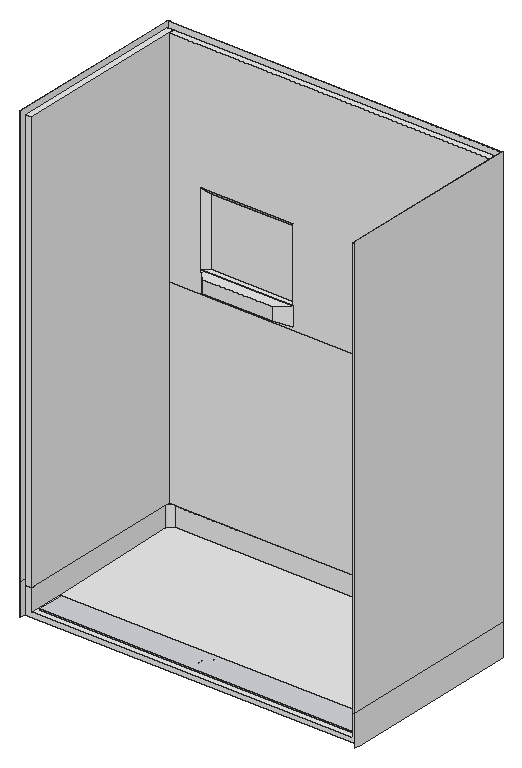
Revit family "5LBS26032B75FTB.V3,2FTB.V3", category Plumbing Fixtures, Revit 2019
Family settings
  Round Connector Dimension = Use Diameter
  Part Type = Normal
  OmniClass Number = 23.45.05.14.17
  OmniClass Title = Showers
  Work Plane-Based = No
  Always vertical = Yes
  Cut with Voids When Loaded = No
  Shared = No
  Room Calculation Point = No
Parameters (values of type "5LBS26032B75FTB.V3")
  Unit Width = 60"
  Unit Height = 81 1/4"
  Pan Height = 5 3/4"
  Unit Depth = 33"
  URL = "http://www.bestbath.com"
  Type Comments = "Barrier Free"
  Threshold Height = 3/4"
  Model = "5LBS26032B75FTB.V3"
  Material [instance] = Best Bath Gelcoat Fiberglass - RealTile
  Manufacturer = "Best Bath Systems, Inc."
  Keynote = "22 40 00.B3"
  Description = "Trench Drain Pan, Real Tile, Beveled Threshold"
  Assembly Code = "D2010710"
Types (3): name | Unit Height | Pan Height | Threshold Height | Model
  (no name) | 81 1/4" | 5 3/4" | 3/4" | "5LBS26032B75FTB.V3"
  5LBS26032B75FTB.V3 | 81 1/4" | 5 3/4" | 3/4" | "5LBS26032B75FTB.V3"
  5LBS26032B2FTB.V3 | 82 1/2" | 7" | 2" | "5LBS26032B2FTB.V3"
Reference planes (in)
  plane 1 "Back": y = 6.43613
  plane 2: z = 0
  plane 3 "Left": x = 0
  plane 4: x = 60
  plane 5: z = 4.75
  plane 6: z = 0.75
  plane 7: z = 5.75
  plane 8: x = 30
  plane 9: y = -26.56387
  plane 10: y = -19.31387
  plane 11: z = 1.5
  plane 12: y = -25.56387
  plane 13: y = -21.81387
  plane 14: z = 0.875
  plane 15: y = -21.81387
  plane 16: z = 81.25
  plane 17: z = 80.25
  plane 18: z = 44.25
  plane 19: z = 40.25
Forms (in)
  Extrusion 1, solid, material "Best Bath Gelcoat Fiberglass - Smooth"
    sketch origin (0, 0, 0) x (1, 0, 0) y (0, 1, 0)
      loop
        line (0, 6.43613) -> (0, -26.56387) -> (0.125, -26.56387) -> (0.125, 6.31113) -> (59.875, 6.31113) -> (59.875, -26.56387) -> (60, -26.56387) -> (60, 6.43613) -> (0, 6.43613)
    from 0 to 5.75
  Extrusion 2, solid, material "Best Bath Gelcoat Fiberglass - Smooth"
    sketch origin (0, 0, 0) x (0, 1, 0) y (0, 0, 1)
      loop
        line (-19.31387, 0.75) -> (5.18613, 0.75) -> (5.18613, 1.25) -> (-19.31387, 0.75)
    from 0 to 60
  Extrusion 3, solid, material "Best Bath Gelcoat Fiberglass - Smooth"
    sketch origin (0, 0, 0) x (1, 0, 0) y (0, 1, 0)
      loop
        line (0, 6.43613) -> (0, -25.56387) -> (59.875, -25.56387) -> (59.875, 6.43613) -> (0, 6.43613)
      loop
        circle (30, -21.81387) r 1.5
    from 0 to 0.75
  Extrusion 4, solid, material "Best Bath Gelcoat Fiberglass - Smooth"
    sketch origin (0, 0, 0) x (1, 0, 0) y (0, 1, 0)
      loop
        line (0, 6.43613) -> (0, -25.56387) -> (1.25, -25.56387) -> (1.25, 4.18613)
        arc (1.25, 4.18613) -> (1.54289, 4.89323) -> (2.25, 5.18613) r 1
        line (2.25, 5.18613) -> (57.75, 5.18613)
        arc (57.75, 5.18613) -> (58.45711, 4.89323) -> (58.75, 4.18613) r 1
        line (58.75, 4.18613) -> (58.75, -25.56387) -> (60, -25.56387) -> (60, 6.43613) -> (0, 6.43613)
    from 0 to 4.75
  Extrusion 5, solid
    sketch origin (0, 0, 0) x (1, 0, 0) y (0, 1, 0)
      loop
        line (1.75, -19.31387) -> (1.75, -24.31387) -> (58.25, -24.31387) -> (58.25, -19.31387) -> (1.75, -19.31387)
    from 0.40753 to 0.875
  Extrusion 6, solid, material "Best Bath Gelcoat Fiberglass - Smooth"
    sketch origin (0, 0, 0) x (1, 0, 0) y (0, 1, 0)
      loop
        line (1.25, -25.56387) -> (1.25, 6.31113) -> (0.125, 6.31113) -> (0.125, -25.56387) -> (1.25, -25.56387)
      loop
        line (58.75, -25.56387) -> (59.875, -25.56387) -> (59.875, 6.31113) -> (58.75, 6.31113) -> (58.75, -25.56387)
    from 4.75 to 80.25
  Extrusion 7, solid, material "Best Bath Smoothwall"
    sketch origin (-0.02168, 0, 0) x (1, 0, 0) y (0, 1, 0)
      loop
        line (1.27168, 5.18613) -> (58.77168, 5.18613) -> (58.77168, 6.31113) -> (1.27168, 6.31113) -> (1.27168, 5.18613)
    from 40.25 to 80.25
  Extrusion 8, solid, material "Best Bath Gelcoat Fiberglass - Smooth"
    sketch origin (0, 0, 0) x (1, 0, 0) y (0, 1, 0)
      loop
        line (0, -26.56387) -> (0.125, -26.56387) -> (0.125, 6.43613) -> (0, 6.43613) -> (0, -26.56387)
      loop
        line (60, -26.56387) -> (60, 6.43613) -> (59.875, 6.43613) -> (59.875, -26.56387) -> (60, -26.56387)
    from 5.75 to 81.25
  Extrusion 9, solid, material "Best Bath Smoothwall"
    sketch origin (-0.02168, 0, 0) x (1, 0, 0) y (0, 1, 0)
      loop
        line (0.14668, 6.43613) -> (0.14668, 6.31113) -> (59.89668, 6.31113) -> (59.89668, 6.43613) -> (0.14668, 6.43613)
    from 0 to 81.25
  Blend 10, solid, material "Best Bath Gelcoat Fiberglass - Smooth"
    base sketch origin (23.35671, -68.92552, -6.375) x (1, 0, 0) y (0, 0, 1)
      loop
        line (30.5625, 50.625) -> (14.0625, 50.625) -> (14.0625, 47.1875) -> (30.5625, 47.1875) -> (30.5625, 50.625)
    top sketch origin (23.35671, -68.92552, -6.375) x (1, 0, 0) y (0, 0, 1)
      loop
        line (16.0625, 50.625) -> (16.0625, 48.375) -> (28.5625, 48.375) -> (28.5625, 50.625) -> (16.0625, 50.625)
    from -74.11165 to -72.11165
  Blend 11, solid, material "Best Bath Gelcoat Fiberglass - Smooth"
    base sketch origin (-28.64329, -68.92552, -6.375) x (1, 0, 0) y (0, 0, 1)
      loop
        line (52.0625, 50.625) -> (35.5625, 50.625) -> (35.5625, 47.1875) -> (52.0625, 47.1875) -> (52.0625, 50.625)
    top sketch origin (-28.64329, -68.92552, -6.375) x (1, 0, 0) y (0, 0, 1)
      loop
        line (37.5625, 50.625) -> (37.5625, 48.375) -> (50.0625, 48.375) -> (50.0625, 50.625) -> (37.5625, 50.625)
    from -74.11165 to -72.11165
  Blend 12, void
    base sketch origin (23.35671, -68.42552, -6.375) x (1, 0, 0) y (0, 0, 1)
      loop
        line (14.0625, 50.625) -> (30.5625, 50.625) -> (30.5625, 63.75) -> (14.0625, 63.75) -> (14.0625, 50.625)
    top sketch origin (23.35671, -68.42552, -6.375) x (1, 0, 0) y (0, 0, 1)
      loop
        line (15.0625, 50.625) -> (29.5625, 50.625) -> (29.5625, 62.75) -> (15.0625, 62.75) -> (15.0625, 50.625)
    from -73.61165 to -74.61165
  Blend 13, void
    base sketch origin (-28.64329, -68.42552, -6.375) x (1, 0, 0) y (0, 0, 1)
      loop
        line (35.5625, 50.625) -> (52.0625, 50.625) -> (52.0625, 63.75) -> (35.5625, 63.75) -> (35.5625, 50.625)
    top sketch origin (-28.64329, -68.42552, -6.375) x (1, 0, 0) y (0, 0, 1)
      loop
        line (36.5625, 50.625) -> (51.0625, 50.625) -> (51.0625, 62.75) -> (36.5625, 62.75) -> (36.5625, 50.625)
    from -73.61165 to -74.61165
  Extrusion 14, solid, material "Best Bath Gelcoat Fiberglass - Smooth"
    sketch origin (0, 0, 4.75) x (1, 0, 0) y (0, 1, 0)
      loop
        line (1.25, 6.31113) -> (1.25, 5.18613) -> (58.75, 5.18613) -> (58.75, 6.31113) -> (1.25, 6.31113)
    from 0 to 35.5
Cuts and joins
  joined: Extrusion 1, Extrusion 2, Extrusion 3, Extrusion 4
  joined: Extrusion 6, Extrusion 8
  Blend 12, Blend 13 cuts Extrusion 7
  joined: Extrusion 7, Extrusion 9
Dimensions and locks (in)
  "Unit Width": plane 3 "Left" to plane 4
  "Threshold Height": plane 6 to level
  locked: plane 7 to plane 5 at 1
  "Pan Height": plane 7 to level
  equal spacing: plane 3 "Left", plane 8, plane 4
  "Unit Depth": plane 9 to plane 1 "Back"
  locked: plane 11 to plane 6 at 0.75
  plane 3 "Left" to Extrusion 3 = 59 7/8"
  locked: plane 10 to plane 9 at 7.25
  locked: plane 12 to plane 9 at 1
  plane 13 to plane 9 = 4 3/4"
  locked: plane 14 to plane 6 at 0.125
  locked: plane 10 to plane 15 at 2.5
  "Unit Height": plane 16 to level
  locked: plane 16 to plane 17 at 1
  locked: plane 18 to plane 6 at 43.5
  plane 19 to plane 5 = 35 1/2"
  aligned and locked: level to plane 2
  aligned and locked: Extrusion 2 sketch curve to plane 6
  aligned and locked: plane 6 to Extrusion 3
  aligned and locked: plane 5 to Extrusion 4
  aligned and locked: plane 12 to Extrusion 3 sketch curve
  aligned and locked: plane 12 to Extrusion 4 sketch curve  (x2)
  aligned and locked: plane 7 to Extrusion 1
  aligned and locked: Extrusion 5 sketch curve to plane 10
  aligned and locked: plane 14 to Extrusion 5
  aligned and locked: Extrusion 6 to cut or joined group of Extrusion 1, Extrusion 2, Extrusion 3, Extrusion 4
  aligned and locked: plane 17 to Extrusion 6
  aligned and locked: plane 17 to Extrusion 7
  aligned and locked: plane 16 to Extrusion 8
  aligned and locked: plane 16 to Extrusion 9
  aligned and locked: Extrusion 8 to plane 7
  aligned and locked: Extrusion 7 to plane 19
  aligned and locked: Extrusion 14 to cut or joined group of Extrusion 7, Extrusion 9, Blend 12, Blend 13
Automatic sketch dimensions
  plane 3 "Left" to Extrusion 5 sketch curve = 1 3/4"
  plane 4 to Extrusion 5 sketch curve = 1 3/4"
  plane 12 to Extrusion 5 sketch curve = 1 1/4"
  Extrusion 1 sketch curve to plane 3 "Left" = 0"
  Extrusion 1 sketch curve to plane 9 = 0"  (x2)
  Extrusion 1 sketch curve to plane 4 = 0"
  plane 1 "Back" to Extrusion 1 sketch curve = 0"
  plane 3 "Left" to Extrusion 1 sketch curve = 1/8"
  plane 4 to Extrusion 1 sketch curve = 1/8"
  plane 1 "Back" to Extrusion 1 sketch curve = 1/8"
  Extrusion 2 sketch curve to plane 10 = 0"
  Extrusion 2 sketch curve to plane 11 = 1/4"
  plane 1 "Back" to Extrusion 2 sketch curve = 1 1/4"
  Extrusion 3 sketch curve to plane 3 "Left" = 0"
  Extrusion 3 sketch curve to plane 8 = 0"
  plane 1 "Back" to Extrusion 3 sketch curve = 0"
  Extrusion 3 sketch curve to plane 13 = 0"
  plane 4 to Extrusion 3 sketch curve = 1/8"
  plane 1 "Back" to Extrusion 4 sketch curve = 0"
  Extrusion 4 sketch curve to plane 3 "Left" = 0"
  Extrusion 4 sketch curve to plane 4 = 0"
  plane 3 "Left" to Extrusion 4 sketch curve = 1 1/4"
  Extrusion 4 sketch curve to Extrusion 4 sketch curve = 1"
  plane 1 "Back" to Extrusion 4 sketch curve = 1 1/4"
  plane 4 to Extrusion 4 sketch curve = 2 1/4"
  Extrusion 4 sketch curve to Extrusion 4 sketch curve = 1 1/4"
  plane 1 "Back" to Extrusion 7 sketch curve = 1/8"
  plane 3 "Left" to Extrusion 7 sketch curve = 1 1/4"
  plane 4 to Extrusion 7 sketch curve = 1 1/4"
  Extrusion 7 sketch curve to Extrusion 7 sketch curve = 1 1/8"
  plane 1 "Back" to Extrusion 9 sketch curve = 0"
  plane 1 "Back" to Extrusion 9 sketch curve = 1/8"
  plane 3 "Left" to Extrusion 9 sketch curve = 1/8"
  plane 4 to Extrusion 9 sketch curve = 1/8"
  Extrusion 6 sketch curve to plane 12 = 0"  (x2)
  plane 3 "Left" to Extrusion 6 sketch curve = 1/8"
  plane 1 "Back" to Extrusion 6 sketch curve = 1/8"  (x2)
  Extrusion 6 sketch curve to Extrusion 6 sketch curve = 1 1/8"
  plane 4 to Extrusion 6 sketch curve = 1 1/4"
  plane 4 to Extrusion 6 sketch curve = 1/8"
  plane 1 "Back" to Extrusion 8 sketch curve = 0"  (x2)
  Extrusion 8 sketch curve to plane 3 "Left" = 0"
  Extrusion 8 sketch curve to plane 9 = 0"  (x2)
  Extrusion 8 sketch curve to plane 4 = 0"
  plane 3 "Left" to Extrusion 8 sketch curve = 1/8"
  plane 4 to Extrusion 8 sketch curve = 1/8"
  Blend 10 sketch curve to plane 8 = 7.41921"
  Blend 10 sketch curve to plane 18 = 3 7/16"
  plane 4 to Blend 10 sketch curve = 6.08079"
  Blend 10 sketch curve to Blend 10 sketch curve = 3 7/16"
  Blend 10 sketch curve to plane 18 = 2 1/4"
  Blend 10 sketch curve to plane 8 = 9.41921"
  plane 4 to Blend 10 sketch curve = 8.08079"
  Blend 10 sketch curve to Blend 10 sketch curve = 2 1/4"
  plane 3 "Left" to Blend 11 sketch curve = 6.91921"
  Blend 11 sketch curve to plane 18 = 3 7/16"
  plane 8 to Blend 11 sketch curve = 6.58079"
  Blend 11 sketch curve to Blend 11 sketch curve = 3 7/16"
  Blend 11 sketch curve to plane 18 = 2 1/4"
  plane 3 "Left" to Blend 11 sketch curve = 8.91921"
  plane 8 to Blend 11 sketch curve = 8.58079"
  Blend 11 sketch curve to Blend 11 sketch curve = 2 1/4"
  Blend 12 sketch curve to plane 8 = 7.41921"
  plane 4 to Blend 12 sketch curve = 6.08079"
  plane 18 to Blend 12 sketch curve = 0"  (x2)
  Blend 12 sketch curve to Blend 12 sketch curve = 13 1/8"
  Blend 12 sketch curve to plane 8 = 8.41921"
  plane 4 to Blend 12 sketch curve = 7.08079"
  Blend 12 sketch curve to Blend 12 sketch curve = 12 1/8"
  plane 3 "Left" to Blend 13 sketch curve = 6.91921"
  plane 8 to Blend 13 sketch curve = 6.58079"
  plane 18 to Blend 13 sketch curve = 0"  (x2)
  Blend 13 sketch curve to Blend 13 sketch curve = 13 1/8"
  plane 3 "Left" to Blend 13 sketch curve = 7.91921"
  plane 8 to Blend 13 sketch curve = 7.58079"
  Blend 13 sketch curve to Blend 13 sketch curve = 12 1/8"
  Extrusion 14 sketch curve to Extrusion 4 = 0"  (x3)
  Extrusion 14 sketch curve to Extrusion 4 = 1/8"
  radius of Extrusion 3 sketch curve = 1 1/2"
